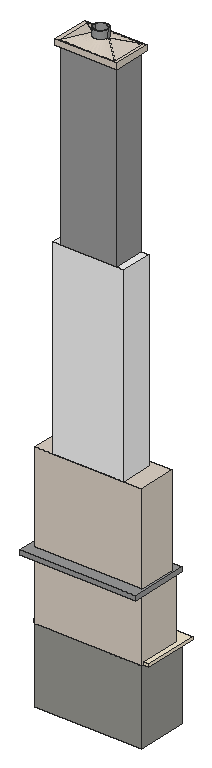
Revit family "New Fireplace + Chimney (Mass Modelled POS)", category Generic Models, Revit 2021
Family settings
  Can host rebar = No
  Round Connector Dimension = Use Diameter
  Part Type = Normal
  Work Plane-Based = No
  Always vertical = Yes
  Cut with Voids When Loaded = No
  Shared = No
  Room Calculation Point = No
Parameters (values of type "Fireplace and Chimney 01")
  Width - Rising Wall [instance] = 5' - 9.46575"
  Top of Brickwork = 23' - 10"
  Length of Second Step = 4' - 4"
  Length of Floor = 15' - 8"
  Length of First Step = 7' - 11"
  Length of Fireplace = 4' - 0"
  Length of Chimney = 2' - 11"
  Height of Second Step = 9' - 3"
  Height of Chimney Top = 0' - 6"
  Height of Chimney = 30' - 0"
  Heigth of Floor = 0' - 2"
  Height of First Step = 3' - 4"
  Height of Fire Place = 2' - 6"
  Depth to Top of Foundation = 4' - 0"
  Depth of chimney = 5' - 0"
  Depth of Front floor = 3' - 0"
  Depth of Fireplace = 3' - 0"
  Depth of Back Floor = 2' - 0"
  Default Elevation = 0' - 0"
Reference planes (in)
  plane 1 "Center (Front/Back)": y = -11.98303
  plane 2: z = 0
  plane 3 "Center (Left/Right)": x = -9.84649
  plane 4 "Top of Chimeney": z = 360.04613
  plane 5 "Top Of First Step": z = 141
  plane 6 "Top of Fire Place": z = 103
  plane 7 "Left Side Second Step": x = -32.84649
  plane 8 "Left Side Chimney": x = -17.84649
  plane 9 "Right Side Chimney": x = -1.84649
  plane 10 "Right Side Second Step": x = 13.15351
  plane 11 "Left Side Fireplace": x = -24.34649
  plane 12 "Right Side Fireplace": x = 4.65351
  plane 13 "Left Side Floor": x = -94.34649
  plane 14 "Right Side Floor": x = 74.65351
  plane 15 "Depth of Front Floor": y = 24.01697
  plane 16 "Depth of Back Floor": y = -35.98303
  plane 17 "Depth of Fireplace": y = -47.98303
  plane 18: z = 42
  plane 19: x = -44.57937
  plane 20: x = 24.88638
  plane 21: z = -48
  plane 22: y = -60
  plane 23: z = 286
  plane 24: z = 346.01575
Forms (in)
  Extrusion 1, solid, material "Render, Beige, Smooth"
    sketch origin (1, -11.98303, -99) x (1, 0, 0) y (0, 0, 1)
      loop
        line (-45.57937, 99) -> (23.88638, 99) -> (23.88638, 141) -> (15.15351, 141) -> (12.15351, 141) -> (-33.84649, 141) -> (-36.84649, 141) -> (-45.57937, 141) -> (-45.57937, 99)
    from 20.31048 to 48.01697
  Extrusion 2, void
    sketch origin (-6, -11.98303, 0) x (1, 0, 0) y (0, 0, 1)
      loop
        line (-18.34649, 2.625) -> (11.15351, 2.625) -> (11.15351, 31.19294) -> (-18.34649, 31.19294) -> (-18.34649, 2.625)
    from 20.31048 to 36
  Extrusion 3, solid, material "Render, Beige, Smooth"
    sketch origin (0, 0, 0) x (1, 0, 0) y (0, 1, 0)
      loop
        line (-44.57937, -36) -> (-44.57937, -60) -> (24.88638, -60) -> (24.88638, -36) -> (-44.57937, -36)
    from 2 to 103
  Blend 4, solid, material "Render, Beige, Smooth"
    base sketch origin (-6.5, -1.18272, 50.47954) x (1, 0, 0) y (0, 1, 0)
      loop
        line (-21.34649, -37.30031) -> (-21.34649, -60.19228) -> (14.65351, -60.19228) -> (14.65351, -37.30031) -> (-21.34649, -37.30031)
    top sketch origin (-6.5, -1.18272, 0) x (1, 0, 0) y (0, 1, 0)
      loop
        circle (-3.73284, -48.17849) r 5
    from 295.53621 to 349.54613
  Extrusion 5, solid, material "Walnut"
    sketch origin (1, -32.29351, -97.0625) x (-1, 0, 0) y (0, 0, 1)
      loop
        line (48.84649, 139.12347) -> (48.84649, 142.00096) -> (-25.93742, 142.00096) -> (-25.93742, 139.12347) -> (48.84649, 139.12347)
    from 1.91548 to -35.48984
  Extrusion 6, solid, material "Brick, Common, Red"
    sketch origin (28.15351, -180, 112) x (0, -1, 0) y (1, 0, 0)
      loop
        line (-140.01697, -56.18998) -> (-120, -56.18998) -> (-120, -19.87524) -> (-140.01697, -19.87524) -> (-140.01697, -56.18998)
    from 114 to 230.31557
  Extrusion 7, solid, material "Render, Beige, Smooth"
    sketch origin (28.15351, -180.125, 342.31557) x (0, -1, 0) y (1, 0, 0)
      loop
        line (-142.39197, -58) -> (-117.79167, -58) -> (-117.79167, -17.94431) -> (-142.39197, -17.94431) -> (-142.39197, -58)
    from 0 to 3.70018
  Extrusion 8, solid, material "Porcelain, Linen"
    sketch origin (0.01957, -4.03739, 400.02567) x (1, 0, 0) y (0, 1, 0)
      loop
        circle (-10.34649, -45.35803) r 4
      loop
        circle (-10.34649, -45.35803) r 4.75
    from -368.95419 to -45.86645
  Extrusion 9, solid, material "Ceramic Tile"
    sketch origin (2, -32.29351, -138.875) x (-1, 0, 0) y (0, 0, 1)
      loop
        line (47.84649, 139) -> (47.84649, 141) -> (-26.53257, 141) -> (-26.53257, 139) -> (47.84649, 139)
    from 8.6287 to -26.96056
  Extrusion 10, solid, material "Plaster"
    sketch origin (28.15351, -180, 112) x (0, -1, 0) y (1, 0, 0)
      loop
        line (-140.01697, -61) -> (-120, -61) -> (-120, -15) -> (-140.01697, -15) -> (-140.01697, -61)
    from -9 to 114
  Extrusion 11, solid, material "Concrete Masonry Units"
    sketch origin (1, -11.98303, -141) x (1, 0, 0) y (0, 0, 1)
      loop
        line (-45.57937, 93) -> (23.88638, 93) -> (23.88638, 141) -> (15.15351, 141) -> (12.15351, 141) -> (-33.84649, 141) -> (-36.84649, 141) -> (-45.57937, 141) -> (-45.57937, 93)
    from 15.79117 to 48.01697
Cuts and joins
  Extrusion 2 cuts Extrusion 1
  joined: Extrusion 1, Extrusion 3, Blend 4
Dimensions and locks (in)
  "Top of Brickwork": plane 23 to level
  equal spacing: plane 9 "Right Side Chimney", plane 3 "Center (Left/Right)", plane 8 "Left Side Chimney"
  equal spacing: plane 10 "Right Side Second Step", plane 3 "Center (Left/Right)", plane 7 "Left Side Second Step"
  plane 9 "Right Side Chimney" to plane 8 "Left Side Chimney" = 1' - 4"  (x2)
  plane 10 "Right Side Second Step" to plane 7 "Left Side Second Step" = 3' - 10"
  equal spacing: plane 12 "Right Side Fireplace", plane 3 "Center (Left/Right)", plane 11 "Left Side Fireplace"
  plane 12 "Right Side Fireplace" to plane 11 "Left Side Fireplace" = 2' - 5"
  equal spacing: plane 14 "Right Side Floor", plane 3 "Center (Left/Right)", plane 13 "Left Side Floor"
  plane 14 "Right Side Floor" to plane 13 "Left Side Floor" = 14' - 1"
  "Depth of Front floor": plane 1 "Center (Front/Back)" to plane 15 "Depth of Front Floor"
  "Depth of Back Floor": plane 16 "Depth of Back Floor" to plane 1 "Center (Front/Back)"
  "Depth of Fireplace": plane 17 "Depth of Fireplace" to plane 1 "Center (Front/Back)"
  plane 15 "Depth of Front Floor" to Blend 4 = 7' - 1.39197"
  plane 6 "Top of Fire Place" to cut or joined group of Extrusion 1, Extrusion 2, Extrusion 3, Blend 4 = 8' - 5"
  cut or joined group of Extrusion 1, Extrusion 2, Extrusion 3, Blend 4 to cut or joined group of Extrusion 1, Extrusion 2, Extrusion 3, Blend 4 = 1' - 8.23287"
  plane 9 "Right Side Chimney" to plane 3 "Center (Left/Right)" to plane 8 "Left Side Chimney" = 0' - 8", 0' - 8"
  plane 19 to plane 3 "Center (Left/Right)" to plane 20 = 2' - 10.73287", 2' - 10.73287"
  plane 6 "Top of Fire Place" to level = 8' - 7"  (x2)
  Extrusion 7 to Extrusion 7 = 3' - 4.05569"
  "Depth to Top of Foundation": level to plane 21
  "Width - Rising Wall": plane 19 to plane 20
  plane 7 "Left Side Second Step" to plane 10 "Right Side Second Step" = 3' - 10"
  cut or joined group of Extrusion 1, Extrusion 2, Extrusion 3, Blend 4 to cut or joined group of Extrusion 1, Extrusion 2, Extrusion 3, Blend 4 = 5' - 9.46575"
  Extrusion 10 to level = 18' - 10"
  plane 20 to Extrusion 10 = 0' - 11.73287"
  plane 19 to Extrusion 10 = 0' - 11.73287"
  Extrusion 2 to level = 2' - 7.19294"
  aligned and locked: plane 6 "Top of Fire Place" to Extrusion 3
  aligned and locked: Extrusion 10 to cut or joined group of Extrusion 1, Extrusion 2, Extrusion 3, Blend 4
  aligned and locked: plane 10 "Right Side Second Step" to Extrusion 10
  aligned and locked: Extrusion 10 to plane 7 "Left Side Second Step"
Automatic sketch dimensions
  plane 19 to Extrusion 1 sketch curve = 0' - 0"
  Extrusion 1 sketch curve to plane 20 = 0' - 0"
  Extrusion 1 sketch curve to plane 18 = 0' - 0"  (x5)
  Extrusion 1 sketch curve to plane 7 "Left Side Second Step" = 0' - 0"  (x2)
  Extrusion 1 sketch curve to plane 10 "Right Side Second Step" = 0' - 0"  (x2)
  Extrusion 1 sketch curve to plane 19 = 0' - 8.73287"
  Extrusion 1 sketch curve to Extrusion 1 sketch curve = 0' - 0"  (x2)
  Extrusion 1 sketch curve to plane 20 = 0' - 8.73287"
  level to Extrusion 1 sketch curve = 0' - 0"
  Extrusion 2 sketch curve to plane 11 "Left Side Fireplace" = 0' - 0"
  plane 12 "Right Side Fireplace" to Extrusion 2 sketch curve = 0' - 0 1/2"
  level to Extrusion 2 sketch curve = 0' - 2 5/8"
  plane 18 to Extrusion 2 sketch curve = 0' - 10.80706"
  Extrusion 3 sketch curve to plane 19 = 0' - 0"
  Extrusion 3 sketch curve to plane 20 = 0' - 0"
  plane 22 to Extrusion 3 sketch curve = 0' - 0"
  plane 16 "Depth of Back Floor" to Extrusion 3 sketch curve = 0' - 0.01697"
  Extrusion 1 to Extrusion 5 sketch curve = 0' - 0.06097"
  Extrusion 1 to Extrusion 5 sketch curve = 0' - 2.05104"
  Extrusion 1 to Extrusion 5 sketch curve = 0' - 2.93846"
  Extrusion 1 to Extrusion 5 sketch curve = 0' - 3.26713"
  Extrusion 6 to Extrusion 7 sketch curve = 0' - 2 1/4"
  Extrusion 6 to Extrusion 7 sketch curve = 0' - 1.81002"
  Extrusion 6 to Extrusion 7 sketch curve = 0' - 2.33333"
  Extrusion 6 to Extrusion 7 sketch curve = 0' - 1.93092"
  Extrusion 8 sketch curve to Extrusion 8 sketch curve = 0' - 0"  (x4)
  Extrusion 9 sketch curve to Extrusion 1 = 0' - 2 1/8"
  Extrusion 1 to Extrusion 9 sketch curve = 0' - 3.64619"
  Extrusion 9 sketch curve to Extrusion 1 = 0' - 0 1/8"
  Extrusion 1 to Extrusion 9 sketch curve = 0' - 1.26713"
  plane 19 to Extrusion 11 sketch curve = 0' - 0"
  plane 20 to Extrusion 11 sketch curve = 0' - 0"
  Extrusion 11 sketch curve to level = 0' - 0"  (x5)
  Extrusion 11 sketch curve to plane 7 "Left Side Second Step" = 0' - 0"  (x2)
  Extrusion 11 sketch curve to plane 10 "Right Side Second Step" = 0' - 0"  (x2)
  Extrusion 11 sketch curve to plane 19 = 0' - 8.73287"
  Extrusion 11 sketch curve to Extrusion 11 sketch curve = 0' - 0"  (x2)
  Extrusion 11 sketch curve to plane 20 = 0' - 8.73287"
  plane 21 to Extrusion 11 sketch curve = 0' - 0"
  plane 22 to Extrusion 6 sketch curve = 0' - 0"
  plane 7 "Left Side Second Step" to Extrusion 6 sketch curve = 0' - 4.81002"
  plane 16 "Depth of Back Floor" to Extrusion 6 sketch curve = 0' - 4"
  Extrusion 6 sketch curve to plane 10 "Right Side Second Step" = 0' - 4.87524"
  plane 22 to Extrusion 10 sketch curve = 0' - 0"
  plane 7 "Left Side Second Step" to Extrusion 10 sketch curve = 0' - 0"
  plane 16 "Depth of Back Floor" to Extrusion 10 sketch curve = 0' - 4"
  plane 10 "Right Side Second Step" to Extrusion 10 sketch curve = 0' - 0"
  Blend 4 sketch curve to plane 11 "Left Side Fireplace" = 0' - 3 1/2"
  plane 16 "Depth of Back Floor" to Blend 4 sketch curve = 0' - 2 1/2"
  plane 12 "Right Side Fireplace" to Blend 4 sketch curve = 0' - 3 1/2"
  Blend 4 sketch curve to plane 17 "Depth of Fireplace" = 0' - 1.37819"
  Blend 4 sketch curve to plane 3 "Center (Left/Right)" = 0' - 0.38635"
  plane 22 to Blend 4 sketch curve = 0' - 1 3/8"
  radius of Extrusion 8 sketch curve = 0' - 4"
  radius of Extrusion 8 sketch curve = 0' - 4 3/4"
  radius of Blend 4 sketch curve = 0' - 5"
